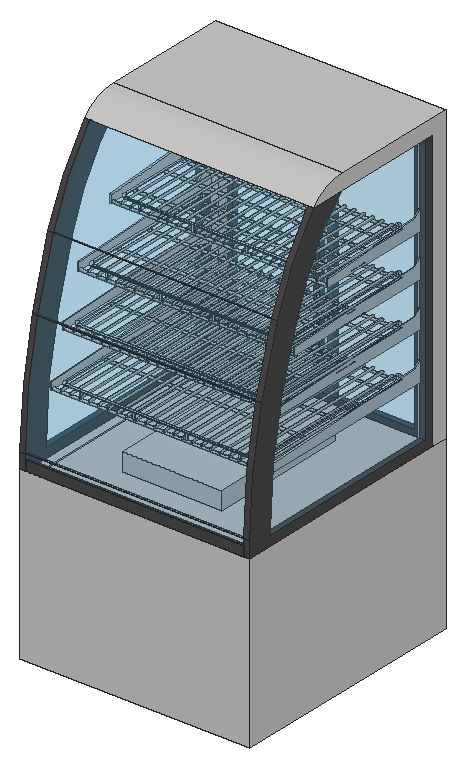
Revit family "QF_FESTIVE_LH6", category Specialty Equipment, Revit 2020
Family settings
  Round Connector Dimension = Use Diameter
  Part Type = Normal
  Work Plane-Based = No
  Always vertical = Yes
  Cut with Voids When Loaded = No
  Shared = No
  Room Calculation Point = No
Parameters (values of type "LH6_220-240/50/1")
  Weight in Kilograms = 110
  Watts = if(Phase = 3, Volts * FL Amps * 1.73, Volts * FL Amps)  # 2002 W
  Volts = 220 V
  URL Cutsheet = ""
  Specification by User = ""
  Specification by Manufacturer = ""
  Shelf Length [instance] = Length - 30 mm  # 570 mm
  Serial Number = ""
  Seismic Rating = ""
  SMACNA No = ""
  Revision Code = ""
  Phase = 1
  Number of Poles = 1
  NAFEM Spec ID Number = ""
  Model = "LH6"
  Min Ckt Ampacity = 0 A
  Max Overcurrent Protection = 0 A
  Masterspec = ""
  Manufacturer = "FESTIVE"
  Length = 600 mm
  Item Number = ""
  Installed By = ""
  Identify Quantity as Lot = yes
  Height = 1400 mm
  HP = ""
  Furnished By = ""
  Foodservice Equipment Identifier = yes
  FL Amps = 9.1 A
  Electrical Remarks = ""
  Electric Connection Type = ""
  Elec Conn RI Height = 0 mm
  Elec Conn Connection Height = 0 mm
  Description = "LINCOLN: HEATED"
  Depth = 640 mm
  Default Elevation = 0 mm
  Cycle = 50 Hz
  Conn Plug = "10A Plug"
  Conn Conduit = yes
  CSI MasterFormat = ""
  Base Cover 2 [instance] = Length = 1530 mm  # no
  Base Cover 1 [instance] = Length < 1201 mm  # yes
  Apparent Power = if(Phase = 3, Volts * FL Amps * 1.73, Volts * FL Amps)  # 2002 VA
Reference planes
  plane 1 "BACK": y = 0
  plane 2: z = 0
  plane 3 "LEFT": x = 0
  plane 4 "RIGHT": x = 600
  plane 5 "FRONT": y = -640
  plane 6 "TOP": z = 1240
  plane 7 "Center Y": x = 300
  plane 8 "Center X": y = -320
  plane 9: z = 470
  plane 10: z = 25.4
  plane 11: x = 40
  plane 12: x = 560
  plane 13: x = 15
  plane 14: x = 585
  plane 15: x = 507.5
  plane 16: x = 92.5
  plane 17: y = 15
Forms (mm)
  Extrusion 1, solid, material "QF_Metal - Stainless - Brushed"
    sketch origin (-6096, 34.743, 25.4) x (0, 1, 0) y (-1, 0, 0)
      loop
        line (-34.743, -6096) -> (-674.743, -6096) -> (-674.743, -6696) -> (-34.743, -6696) -> (-34.743, -6656) -> (-634.743, -6656) -> (-634.743, -6136) -> (-34.743, -6136) -> (-34.743, -6096)
    from 0 to 444.6
  Extrusion 2, solid, material "QF_Metal - Stainless - Brushed"
    sketch origin (-6096, 152.961, 470) x (0, 1, 0) y (-1, 0, 0)
      loop
        line (-152.961, -6696) -> (-152.961, -6656) -> (-192.961, -6656) -> (-192.961, -6696) -> (-152.961, -6696)
      loop
        line (-152.961, -6096) -> (-192.961, -6096) -> (-192.961, -6136) -> (-152.961, -6136) -> (-152.961, -6096)
    from 0 to 770
  Extrusion 3, solid, material "Glass"
    sketch origin (0, 0, 0) x (0, 1, 0) y (0, 0, 1)
      loop
        line (-55, 1200) -> (-343.102, 1200)
        arc (-343.102, 1200) -> (-425.006, 1093.038) -> (-482.383, 971.149) r 632.075
        arc (-482.383, 971.149) -> (-509.905, 886.436) -> (-534.265, 800.759) r 2399.94
        arc (-534.265, 800.759) -> (-564.004, 644.548) -> (-571.576, 485.711) r 1132.811
        line (-571.576, 485.711) -> (-55, 485.711) -> (-55, 1200)
    from 0 to 15
  Extrusion 4, solid, material "Glass"
    sketch origin (600, 0, 0) x (0, -1, 0) y (0, 0, 1)
      loop
        line (55, 1200) -> (55, 485) -> (574.724, 485)
        arc (574.724, 485) -> (567.049, 644.057) -> (537.168, 800.47) r 1134.026
        arc (537.168, 800.47) -> (513.547, 883.55) -> (486.952, 965.728) r 2401.095
        arc (486.952, 965.728) -> (427.946, 1090.797) -> (343.102, 1200) r 630.727
        line (343.102, 1200) -> (55, 1200)
    from 0 to 15
  Extrusion 5, solid, material "QF_Metal - Stainless - Brushed"
    sketch origin (389.467, 0, -196.242) x (1, 0, 0) y (0, 0, -1)
      loop
        line (150.695, -399.744) -> (150.695, -299.744) -> (60.695, -299.744) -> (60.695, -399.744) -> (150.695, -399.744)
    from 0 to 15
  Extrusion 6, solid, material "QF_Metal - Stainless - Brushed"
    sketch origin (0, 0, 0) x (1, 0, 0) y (0, 0, 1)
      loop
        line (560, 376.925) -> (40, 376.925) -> (40, 70.07) -> (145, 70.07) -> (145, 31.8) -> (455, 31.8) -> (455, 69.875) -> (560, 69.875) -> (560, 376.925)
    from 0 to 600
  Extrusion 7, solid
    sketch origin (0, 0, 0) x (-1, 0, 0) y (0, 0, 1)
      loop
        circle (-445, 36.8) r 5
    from 0 to 3.2
  Extrusion 8, solid, material "QF_Metal - Stainless - Brushed"
    sketch origin (560, 0, 25.4) x (1, 0, 0) y (0, 0, -1)
      loop
        line (0, -351.525) -> (-520, -351.525) -> (-520, -444.6) -> (0, -444.6) -> (0, -351.525)
      loop
        line (0, 0) -> (-520, 0) -> (-520, -6.4) -> (0, -6.4) -> (0, 0)
    from 0 to -3.2
  Extrusion 9, solid, material "QF_Plastic - Red - Smooth"
    sketch origin (389.467, 15, -196.242) x (1, 0, 0) y (0, 0, -1)
      loop
        line (132.495, -336.936) -> (132.495, -311.419) -> (123.895, -311.419) -> (123.895, -336.936) -> (132.495, -336.936)
      loop
        line (87.495, -336.936) -> (87.495, -311.419) -> (78.895, -311.419) -> (78.895, -336.936) -> (87.495, -336.936)
    from 0 to 3.2
  Extrusion 10, solid, material "QF_Plastic - Black - Smooth"
    sketch origin (0, 0, 0) x (0, 1, 0) y (0, 0, 1)
      loop
        line (-40, 470) -> (-40, 1200) -> (-65, 1200) -> (-65, 495) -> (-575, 495) -> (-575, 510)
        arc (-575, 510) -> (-565.502, 656.462) -> (-537.168, 800.47) r 1134.026
        arc (-537.168, 800.47) -> (-513.547, 883.55) -> (-486.952, 965.728) r 2401.095
        arc (-486.952, 965.728) -> (-427.946, 1090.797) -> (-343.102, 1200) r 630.727
        line (-343.102, 1200) -> (-430, 1200)
        arc (-430, 1200) -> (-498.623, 1098.654) -> (-548.424, 986.85) r 695.727
        arc (-548.424, 986.85) -> (-575.739, 902.449) -> (-600, 817.119) r 2466.095
        arc (-600, 817.119) -> (-629.958, 664.856) -> (-640, 510) r 1199.026
        line (-640, 510) -> (-640, 470) -> (-40, 470)
    from 0 to 15
  Extrusion 11, solid, material "QF_Metal - Stainless - Brushed"
    sketch origin (0, 0, 0) x (0, 1, 0) y (0, 0, 1)
      loop
        line (0, 1200) -> (0, 1240) -> (-335, 1240)
        arc (-335, 1240) -> (-386.539, 1229.592) -> (-430, 1200) r 132.813
        line (-430, 1200) -> (0, 1200)
    from 0 to 600
  Extrusion 12, solid, material "QF_Plastic - Black - Smooth"
    sketch origin (600, 0, 0) x (0, -1, 0) y (0, 0, 1)
      loop
        line (40, 470) -> (640, 470) -> (640, 510)
        arc (640, 510) -> (629.958, 664.856) -> (600, 817.119) r 1199.026
        arc (600, 817.119) -> (575.739, 902.449) -> (548.424, 986.85) r 2466.095
        arc (548.424, 986.85) -> (498.623, 1098.654) -> (430, 1200) r 695.727
        line (430, 1200) -> (343.102, 1200)
        arc (343.102, 1200) -> (427.946, 1090.797) -> (486.952, 965.728) r 630.727
        arc (486.952, 965.728) -> (513.547, 883.55) -> (537.168, 800.47) r 2401.095
        arc (537.168, 800.47) -> (565.502, 656.462) -> (575, 510) r 1134.026
        line (575, 510) -> (575, 495) -> (65, 495) -> (65, 1200) -> (40, 1200) -> (40, 470)
    from 0 to 15
  Extrusion 13, solid, material "Glass"
    sketch origin (0, 0, 0) x (0, 1, 0) y (0, 0, 1)
      loop
        arc (-548.424, 986.85) -> (-575.739, 902.449) -> (-600, 817.119) r 2466.095
        arc (-600, 817.119) -> (-629.958, 664.856) -> (-640, 510) r 1199.026
        line (-640, 510) -> (-640, 495) -> (-633.6, 495) -> (-633.6, 510)
        arc (-633.6, 510) -> (-623.612, 664.03) -> (-593.814, 815.48) r 1192.626
        arc (-593.814, 815.48) -> (-569.615, 900.588) -> (-542.371, 984.771) r 2459.695
        arc (-542.371, 984.771) -> (-491.755, 1097.827) -> (-421.722, 1200) r 689.327
        line (-421.722, 1200) -> (-430, 1200)
        arc (-430, 1200) -> (-498.623, 1098.654) -> (-548.424, 986.85) r 695.727
    from 15 to 585
  Extrusion 14, solid, material "QF_Metal - Stainless - Brushed"
    sketch origin (-6096, 34.743, 470) x (0, 1, 0) y (-1, 0, 0)
      loop
        line (-634.743, -6136) -> (-634.743, -6656) -> (-34.743, -6656) -> (-34.743, -6136) -> (-634.743, -6136)
    from 0 to -20
  Extrusion 15, solid, material "QF_Metal - Stainless - Brushed", visible <- "Base Cover 1"
    sketch origin (-6096, 34.743, 470) x (0, 1, 0) y (-1, 0, 0)
      loop
        line (-183.538, -6266) -> (-553.538, -6266) -> (-553.538, -6526) -> (-183.538, -6526) -> (-183.538, -6266)
    from 0 to 47.182
  Extrusion 16, solid, material "QF_Plastic - Black - Smooth"
    sketch origin (15, 0, 0) x (0, 1, 0) y (0, 0, 1)
      loop
        line (-633.6, 495) -> (-640, 495) -> (-640, 470) -> (-633.6, 470) -> (-633.6, 495)
    from 0 to 570
  Extrusion 17, solid, material "QF_Metal - Stainless - Brushed", visible <- "Base Cover 2"
    sketch origin (-6096, 34.743, 470) x (0, 1, 0) y (-1, 0, 0)
      loop
        line (-183.538, -6266) -> (-553.538, -6266) -> (-553.538, -6376) -> (-183.538, -6376) -> (-183.538, -6266)
      loop
        line (-553.538, -6526) -> (-183.538, -6526) -> (-183.538, -6416) -> (-553.538, -6416) -> (-553.538, -6526)
    from 0 to 47.182
Cuts and joins
  joined: Extrusion 2, Extrusion 11
Lines and regions (mm)
  Split face 1
    outline origin (410.303, 15, -237.471) x (1, 0, 0) y (0, 0, -1)
      loop
        line (114.859, -381.365) -> (114.859, -349.447) -> (99.859, -349.447) -> (99.859, -381.365) -> (114.859, -381.365)
  Split face 2
    outline origin (580.021, 15, -155.014) x (-1, 0, 0) y (0, 0, 1)
      loop
        line (114.859, 298.908) -> (99.859, 298.908) -> (99.859, 266.99) -> (114.859, 266.99) -> (114.859, 298.908)
  Split face 3
    outline origin (389.467, 15, -196.242) x (1, 0, 0) y (0, 0, -1)
      loop
        arc (139.445, -393.619) -> (143.667, -377.428) -> (139.445, -361.238) r 33.153
        line (139.445, -361.238) -> (71.945, -361.238)
        arc (71.945, -361.238) -> (67.723, -377.428) -> (71.945, -393.619) r 33.153
        line (71.945, -393.619) -> (139.445, -393.619)
  Split face 4
    outline origin (389.467, 15, -196.242) x (1, 0, 0) y (0, 0, -1)
      loop
        arc (135.695, -388.563) -> (137.031, -377.507) -> (135.695, -366.451) r 46.41
        line (135.695, -366.451) -> (95.695, -366.451) -> (95.695, -388.563) -> (135.695, -388.563)
  symbolic lines
    curve 1: line (0, 0, 1240) -> (600, 0, 1240)
    curve 2: line (0, -640, 1240) -> (0, 0, 1240)
    curve 3: line (600, -640, 1240) -> (0, -640, 1240)
    curve 4: line (600, 0, 1240) -> (600, -640, 1240)
    curve 5: line (0, -430, 1240) -> (600, -430, 1240)
    curve 6: line (585, -430, 1240) -> (585, -640, 1240)
    curve 7: line (15, -430, 1240) -> (15, -640, 1240)
    curve 8: line (450.162, 15, 1240) -> (450.162, 0, 1240)
    curve 9: line (540.162, 15, 1240) -> (450.162, 15, 1240)
    curve 10: line (540.162, 0, 1240) -> (540.162, 15, 1240)
Dimensions and locks
  equal spacing: plane 3 "LEFT", plane 7 "Center Y", plane 4 "RIGHT"
  "Length": plane 3 "LEFT" to plane 4 "RIGHT"
  equal spacing: plane 5 "FRONT", plane 8 "Center X", plane 1 "BACK"
  "Depth": plane 5 "FRONT" to plane 1 "BACK"
  plane 6 "TOP" to plane 9 to level = 770 mm, 470 mm  (x2)
  plane 1 "BACK" to plane 5 "FRONT" = 640 mm
  locked: plane 11 to plane 3 "LEFT" at 40
  locked: plane 12 to plane 4 "RIGHT" at 40
  locked: plane 3 "LEFT" to plane 13 at 15
  locked: plane 4 "RIGHT" to plane 14 at 15
  locked: plane 5 "FRONT" to nested 5 at 45
  locked: plane 5 "FRONT" to nested 4 at 45
  locked: plane 15 to plane 4 "RIGHT" at 92.5
  locked: plane 16 to plane 3 "LEFT" at 92.5
  plane 1 "BACK" to plane 17 = 15 mm
  Extrusion 17 sketch curve to plane 7 "Center Y" to Extrusion 17 sketch curve = 20 mm locked, 20 mm locked
  locked: plane 7 "Center Y" to nested 9 at 20
  locked: plane 7 "Center Y" to nested 10 at 20
  aligned and locked: level to plane 2
  aligned and locked: plane 9 to Extrusion 1
  aligned and locked: plane 6 "TOP" to Extrusion 2
  aligned and locked: plane 16 to nested 3
  aligned and locked: plane 16 to nested 4
  aligned and locked: nested 6 to plane 15
  aligned and locked: nested 5 to plane 15
  aligned and locked: Extrusion 1 to Extrusion 8 sketch curve  (x2)
  aligned and locked: Extrusion 8 sketch curve to Extrusion 1  (x2)
  aligned and locked: plane 13 to Extrusion 13
  aligned and locked: Extrusion 13 to plane 14
  aligned and locked: cut or joined group of Extrusion 2, Extrusion 11 to plane 4 "RIGHT"
  aligned and locked: Extrusion 16 to Extrusion 12
  aligned and locked: plane 12 to nested 10
  aligned and locked: plane 11 to nested 9
Automatic sketch dimensions
  Extrusion 1 sketch curve to plane 3 "LEFT" = 0 mm
  plane 5 "FRONT" to Extrusion 1 sketch curve = 0 mm
  Extrusion 1 sketch curve to plane 12 = 0 mm
  Extrusion 1 sketch curve to plane 11 = 0 mm
  plane 1 "BACK" to Extrusion 1 sketch curve = 0 mm  (x2)
  Extrusion 1 sketch curve to plane 4 "RIGHT" = 0 mm
  Extrusion 1 sketch curve to plane 5 "FRONT" = 40 mm
  Extrusion 2 sketch curve to plane 11 = 0 mm
  Extrusion 2 sketch curve to plane 4 "RIGHT" = 0 mm
  Extrusion 2 sketch curve to plane 3 "LEFT" = 0 mm
  Extrusion 2 sketch curve to plane 12 = 0 mm
  plane 1 "BACK" to Extrusion 2 sketch curve = 0 mm  (x2)
  Extrusion 2 sketch curve to Extrusion 2 sketch curve = 40 mm  (x2)
  plane 9 to Extrusion 3 sketch curve = 15.711 mm
  Extrusion 3 sketch curve to plane 5 "FRONT" = 68.424 mm
  Extrusion 3 sketch curve to plane 8 "Center X" = 23.102 mm
  Extrusion 3 sketch curve to plane 6 "TOP" = 40 mm
  plane 1 "BACK" to Extrusion 3 sketch curve = 55 mm
  plane 17 to Extrusion 3 sketch curve = 99.932 mm
  plane 9 to Extrusion 3 sketch curve = 41.322 mm
  Extrusion 3 sketch curve to Extrusion 3 sketch curve = 446.013 mm
  plane 10 to Extrusion 3 sketch curve = 161.959 mm
  Extrusion 3 sketch curve to Extrusion 3 sketch curve = 1225.017 mm
  Extrusion 3 sketch curve to Extrusion 3 sketch curve = 278.715 mm
  Extrusion 3 sketch curve to plane 5 "FRONT" = 105.735 mm
  plane 10 to Extrusion 4 sketch curve = 160.052 mm
  plane 17 to Extrusion 4 sketch curve = 1768.825 mm
  plane 9 to Extrusion 4 sketch curve = 40 mm
  plane 17 to Extrusion 4 sketch curve = 544.026 mm
  plane 17 to Extrusion 4 sketch curve = 94.542 mm
  plane 9 to Extrusion 4 sketch curve = 15 mm
  plane 1 "BACK" to Extrusion 4 sketch curve = 55 mm
  Extrusion 4 sketch curve to plane 8 "Center X" = 23.102 mm
  Extrusion 4 sketch curve to plane 5 "FRONT" = 65.276 mm
  plane 9 to Extrusion 4 sketch curve = 290.763 mm
  Extrusion 4 sketch curve to plane 6 "TOP" = 40 mm
  Extrusion 4 sketch curve to Extrusion 4 sketch curve = 0 mm
  curve 4 to plane 4 "RIGHT" = 0 mm
  curve 6 to plane 14 = 0 mm
  plane 5 "FRONT" to curve 7 = 0 mm
  curve 7 to plane 13 = 0 mm
  curve 3 to plane 3 "LEFT" = 0 mm
  plane 1 "BACK" to curve 1 = 0 mm
  curve 5 to plane 8 "Center X" = 110 mm
  plane 15 to Extrusion 5 sketch curve = 57.338 mm
  plane 12 to Extrusion 5 sketch curve = 19.838 mm
  plane 10 to Extrusion 5 sketch curve = 178.101 mm
  plane 10 to Extrusion 5 sketch curve = 78.101 mm
  Split face 1 sketch curve to Extrusion 5 = 30 mm
  Split face 1 sketch curve to Extrusion 5 = 15 mm
  Split face 1 sketch curve to Extrusion 5 = 40.393 mm
  Split face 1 sketch curve to Extrusion 5 = 8.475 mm
  Extrusion 6 sketch curve to plane 11 = 0 mm
  plane 12 to Extrusion 6 sketch curve = 0 mm
  plane 10 to Extrusion 6 sketch curve = 6.4 mm
  plane 16 to Extrusion 6 sketch curve = 52.5 mm
  plane 15 to Extrusion 6 sketch curve = 52.5 mm
  plane 10 to Extrusion 6 sketch curve = 44.475 mm
  Extrusion 6 sketch curve to Extrusion 6 sketch curve = 38.27 mm
  Extrusion 6 sketch curve to plane 9 = 93.075 mm
  Extrusion 7 sketch curve to Extrusion 6 = 10 mm
  Extrusion 7 sketch curve to Extrusion 6 = 5 mm
  Extrusion 8 sketch curve to Extrusion 1 = 0 mm  (x2)
  Extrusion 1 to Extrusion 8 sketch curve = 93.075 mm
  Extrusion 8 sketch curve to Extrusion 8 sketch curve = 6.4 mm
  Split face 2 sketch curve to Extrusion 5 = 30 mm
  Split face 2 sketch curve to Extrusion 5 = 15 mm
  Split face 2 sketch curve to Extrusion 5 = 8.475 mm
  Split face 2 sketch curve to Split face 2 sketch curve = 31.918 mm
  Split face 3 sketch curve to Extrusion 5 = 11.25 mm  (x4)
  Split face 3 sketch curve to Split face 3 sketch curve = 28.931 mm
  Split face 3 sketch curve to Split face 3 sketch curve = 9.638 mm
  Split face 3 sketch curve to Extrusion 5 = 6.125 mm
  Split face 3 sketch curve to Extrusion 5 = 22.316 mm
  Extrusion 9 sketch curve to Extrusion 5 = 18.2 mm
  Extrusion 9 sketch curve to Extrusion 9 sketch curve = 8.6 mm  (x2)
  Extrusion 9 sketch curve to Extrusion 5 = 26.8 mm
  Extrusion 9 sketch curve to Extrusion 5 = 37.193 mm  (x2)
  Extrusion 9 sketch curve to Extrusion 5 = 11.675 mm  (x2)
  Split face 4 sketch curve to Extrusion 5 = 29.926 mm
  Split face 4 sketch curve to Split face 4 sketch curve = 5.074 mm
  Split face 4 sketch curve to Extrusion 5 = 15 mm  (x2)
  Split face 4 sketch curve to Extrusion 5 = 11.181 mm
  Split face 4 sketch curve to Split face 4 sketch curve = 11.056 mm
  Extrusion 10 sketch curve to Extrusion 10 sketch curve = 0 mm  (x8)
  Extrusion 10 sketch curve to plane 5 "FRONT" = 0 mm
  Extrusion 10 sketch curve to plane 9 = 0 mm
  plane 9 to Extrusion 10 sketch curve = 25 mm
  Extrusion 10 sketch curve to plane 5 "FRONT" = 65 mm
  Extrusion 10 sketch curve to plane 6 "TOP" = 40 mm  (x2)
  Extrusion 10 sketch curve to plane 8 "Center X" = 110 mm
  Extrusion 10 sketch curve to plane 8 "Center X" = 23.102 mm
  plane 1 "BACK" to Extrusion 10 sketch curve = 65 mm
  Extrusion 10 sketch curve to Extrusion 10 sketch curve = 25 mm
  plane 17 to Extrusion 10 sketch curve = 94.542 mm
  plane 9 to Extrusion 10 sketch curve = 40 mm
  Extrusion 10 sketch curve to Extrusion 10 sketch curve = 449.483 mm
  plane 10 to Extrusion 10 sketch curve = 160.052 mm
  Extrusion 10 sketch curve to Extrusion 10 sketch curve = 1224.8 mm
  plane 9 to Extrusion 10 sketch curve = 290.763 mm
  Extrusion 11 sketch curve to plane 6 "TOP" = 0 mm
  Extrusion 11 sketch curve to plane 1 "BACK" = 0 mm
  Extrusion 11 sketch curve to plane 8 "Center X" = 15 mm
  Extrusion 11 sketch curve to plane 6 "TOP" = 40 mm
  Extrusion 11 sketch curve to Extrusion 11 sketch curve = 95 mm
  Extrusion 12 sketch curve to Extrusion 12 sketch curve = 0 mm  (x8)
  Extrusion 12 sketch curve to plane 9 = 0 mm
  Extrusion 12 sketch curve to plane 5 "FRONT" = 0 mm
  plane 9 to Extrusion 12 sketch curve = 25 mm
  Extrusion 12 sketch curve to plane 5 "FRONT" = 65 mm
  Extrusion 12 sketch curve to plane 6 "TOP" = 40 mm  (x2)
  Extrusion 12 sketch curve to plane 8 "Center X" = 110 mm
  Extrusion 12 sketch curve to plane 8 "Center X" = 23.102 mm
  plane 1 "BACK" to Extrusion 12 sketch curve = 65 mm
  Extrusion 12 sketch curve to Extrusion 12 sketch curve = 25 mm
  plane 17 to Extrusion 12 sketch curve = 94.542 mm
  plane 9 to Extrusion 12 sketch curve = 40 mm
  Extrusion 12 sketch curve to Extrusion 12 sketch curve = 449.483 mm
  plane 10 to Extrusion 12 sketch curve = 160.052 mm
  Extrusion 12 sketch curve to Extrusion 12 sketch curve = 1224.8 mm
  plane 9 to Extrusion 12 sketch curve = 290.763 mm
  Extrusion 13 sketch curve to Extrusion 13 sketch curve = 0 mm  (x8)
  Extrusion 13 sketch curve to plane 5 "FRONT" = 0 mm
  Extrusion 13 sketch curve to plane 5 "FRONT" = 6.4 mm
  Extrusion 13 sketch curve to plane 8 "Center X" = 110 mm
  Extrusion 13 sketch curve to Extrusion 13 sketch curve = 8.278 mm
  plane 17 to Extrusion 13 sketch curve = 94.542 mm
  plane 9 to Extrusion 13 sketch curve = 40 mm
  Extrusion 13 sketch curve to Extrusion 13 sketch curve = 449.483 mm
  plane 10 to Extrusion 13 sketch curve = 160.052 mm
  Extrusion 13 sketch curve to Extrusion 13 sketch curve = 1224.8 mm
  Extrusion 13 sketch curve to Extrusion 13 sketch curve = 15 mm
  plane 9 to Extrusion 13 sketch curve = 290.763 mm
  Extrusion 13 sketch curve to plane 6 "TOP" = 40 mm
  Extrusion 14 sketch curve to Extrusion 1 = 0 mm  (x3)
  Extrusion 1 to Extrusion 14 sketch curve = 0 mm
  Extrusion 15 sketch curve to plane 5 "FRONT" = 121.205 mm
  plane 1 "BACK" to Extrusion 15 sketch curve = 148.795 mm
  plane 15 to Extrusion 15 sketch curve = 77.5 mm
  plane 16 to Extrusion 15 sketch curve = 77.5 mm
  Extrusion 16 sketch curve to Extrusion 10 = 0 mm  (x2)
  Extrusion 10 to Extrusion 16 sketch curve = 0 mm
  Extrusion 16 sketch curve to Extrusion 10 = 6.4 mm
  plane 1 "BACK" to curve 10 = 0 mm
  curve 9 to plane 17 = 0 mm
  plane 1 "BACK" to curve 8 = 0 mm
  plane 12 to curve 9 = 19.838 mm
  plane 15 to curve 9 = 57.338 mm
  Extrusion 17 sketch curve to plane 5 "FRONT" = 121.205 mm  (x2)
  plane 1 "BACK" to Extrusion 17 sketch curve = 148.795 mm  (x2)
  plane 15 to Extrusion 17 sketch curve = 77.5 mm
  plane 16 to Extrusion 17 sketch curve = 77.5 mm
  radius of Extrusion 7 sketch curve = 5 mm
Nested families
  nested 1: "PARAMETRIC SHELF" at (15, -40, 866.071), Length <- "Shelf Length", type "PARAMETRIC SHELF"
    with Rail Depth 382 mm, Rail 2 4, No. of Rail 22, Length 570 mm, Depth 432 mm
  nested 2: "PARAMETRIC SHELF" at (15, -40, 748.214), Length <- "Shelf Length", type "PARAMETRIC SHELF"
    with Rail Depth 430 mm, Rail 2 4, No. of Rail 22, Length 570 mm, Depth 480 mm
  nested 3: "3 INCHES 01_CASTER" at (92.5, -65, 0), type "3 INCHES 01_CASTER"
    with Type Mark "", Specification by User "", Revision Code "", Item Number "", Installed By "", Identify Quantity as Lot yes, Furnished By "", Foodservice Equipment Identifier yes, 3 Inches Caster yes
  nested 4: "3 INCHES 01_CASTER" at (92.5, -595, 0), type "3 INCHES 01_CASTER"
    with Type Mark "", Specification by User "", Revision Code "", Item Number "", Installed By "", Identify Quantity as Lot yes, Furnished By "", Foodservice Equipment Identifier yes, 3 Inches Caster yes
  nested 5: "3 INCHES 01_CASTER" at (507.5, -595, 0), type "3 INCHES 01_CASTER"
    with Type Mark "", Specification by User "", Revision Code "", Item Number "", Installed By "", Identify Quantity as Lot yes, Furnished By "", Foodservice Equipment Identifier yes, 3 Inches Caster yes
  nested 6: "3 INCHES 01_CASTER" at (507.5, -65, 0), type "3 INCHES 01_CASTER"
    with Type Mark "", Specification by User "", Revision Code "", Item Number "", Installed By "", Identify Quantity as Lot yes, Furnished By "", Foodservice Equipment Identifier yes, 3 Inches Caster yes
  nested 7: "PARAMETRIC SHELF" at (15, -40, 978.929), Length <- "Shelf Length", type "PARAMETRIC SHELF"
    with Rail Depth 275 mm, Rail 2 4, No. of Rail 22, Length 570 mm, Depth 325 mm
  nested 8: "PARAMETRIC SHELF" at (15, -40, 625.357), Length <- "Shelf Length", type "PARAMETRIC SHELF"
    with Rail Depth 470 mm, Rail 2 4, No. of Rail 22, Length 570 mm, Depth 520 mm
  nested 9: "PARAMETRIC WINDOW" at (40, 0, 0), type "PARAMETRIC WINDOW"
    with Window Assembly yes, Length 280 mm
  nested 10: "PARAMETRIC WINDOW" at (280, -15, 0), type "PARAMETRIC WINDOW"
    with Window Assembly yes, Length 280 mm
Connectors
  electrical at (445, 3.2, 36.8), driven by "Volts", driven by "Watts"
    settings: on Extrusion 7, index 2, voltage 220 V, apparent load 2002 VA, apparent load phase1 0 VA, apparent load phase2 0 VA, apparent load phase3 0 VA, power factor 1, load classification "Other", number of poles 1, system type 30, power factor state 1, is connector primary yes, connector utility no, sub classification motor no, connector description "ELECTRICAL CONNECTION"
Definition of nested family "PARAMETRIC SHELF"
  Parameters (values of type "PARAMETRIC SHELF")
    Weight in Pounds = 0
    URL Cutsheet = ""
    Specification by User = ""
    Specification by Manufacturer = ""
    Serial Number = ""
    Seismic Rating = ""
    SMACNA No = ""
    Revision Code = ""
    Rail Depth [instance] = Depth - 50 mm  # 367 mm
    Rail 2 [instance] = Length / 150 mm  # 4
    No. of Rail [instance] = Length / 25.4 mm  # 24
    NAFEM Spec ID Number = ""
    Masterspec = ""
    Length [instance] = 600 mm
    Item Number = ""
    Installed By = ""
    Identify Quantity as Lot = yes
    Height = 220 mm
    Furnished By = ""
    Foodservice Equipment Identifier = yes
    Depth [instance] = 417 mm
    Default Elevation = 0 mm
    CSI MasterFormat = ""
  Reference planes
    plane 1 "BACK": y = 0
    plane 2: z = 0
    plane 3 "LEFT": x = 0
    plane 4 "RIGHT": x = 600
    plane 5 "FRONT": y = -417
    plane 6 "TOP": z = 220
    plane 7 "Center Y": x = 300
    plane 8 "Center X": y = -208.5
    plane 9: x = 28.6
    plane 10: x = 571.4
    plane 11: x = 3.2
    plane 12: x = 596.8
  Forms (mm)
    Extrusion 1, solid
      sketch origin (0, -4517, 280.761) x (0, 0, 1) y (0, -1, 0)
        loop
          line (-244.023, -4477) -> (-261.193, -4100) -> (-280.761, -4100) -> (-280.761, -4502.438) -> (-295.323, -4517) -> (-217.773, -4517) -> (-217.773, -4508.448) -> (-244.023, -4477)
      from 0 to 3.2
    Extrusion 2, solid
      sketch origin (600, 0, 0) x (0, -1, 0) y (0, 0, 1)
        loop
          line (40, 36.738) -> (8.552, 62.988) -> (0, 62.988) -> (0, -14.562) -> (14.562, 0) -> (417, 0) -> (417, 19.568) -> (40, 36.738)
      from 0 to 3.2
    Extrusion 3, solid
      sketch origin (3.2, -4572, 62.788) x (0, 0, 1) y (0, -1, 0)
        loop
          circle (-59.788, -4158) r 3
        loop
          circle (-59.788, -4268) r 3
        loop
          circle (-59.788, -4368) r 3
        loop
          circle (-59.788, -4471.515) r 3
        loop
          circle (-59.788, -4519.015) r 3
      from 0 to 593.6
    Extrusion 4, solid
      sketch origin (20.4, -417, 21.873) x (0, 0, 1) y (1, 0, 0)
        loop
          circle (-13.368, 8.2) r 2.5
      from 0 to 367 <- "Rail Depth"
    Extrusion 5, solid
      sketch origin (563.2, -417, 21.873) x (0, 0, 1) y (1, 0, 0)
        loop
          circle (-13.368, 8.2) r 2.5
      from 0 to 367 <- "Rail Depth"
    Extrusion 6, solid
      sketch origin (44, -417, 21.873) x (0, 0, 1) y (1, 0, 0)
        loop
          circle (-13.368, 8.2) r 2.5
      from 0 to 367 <- "Rail Depth"
    Extrusion 7, solid
      sketch origin (67.6, -417, 21.873) x (0, 0, 1) y (1, 0, 0)
        loop
          circle (-13.368, 8.2) r 2.5
      from 0 to 367 <- "Rail Depth"
    Extrusion 8, solid
      sketch origin (91.2, -417, 21.873) x (0, 0, 1) y (1, 0, 0)
        loop
          circle (-13.368, 8.2) r 2.5
      from 0 to 367 <- "Rail Depth"
    Extrusion 9, solid
      sketch origin (114.8, -417, 21.873) x (0, 0, 1) y (1, 0, 0)
        loop
          circle (-13.368, 8.2) r 2.5
      from 0 to 367 <- "Rail Depth"
    Extrusion 10, solid
      sketch origin (138.4, -417, 21.873) x (0, 0, 1) y (1, 0, 0)
        loop
          circle (-13.368, 8.2) r 2.5
      from 0 to 367 <- "Rail Depth"
    Extrusion 11, solid
      sketch origin (162, -417, 21.873) x (0, 0, 1) y (1, 0, 0)
        loop
          circle (-13.368, 8.2) r 2.5
      from 0 to 367 <- "Rail Depth"
    Extrusion 12, solid
      sketch origin (185.6, -417, 21.873) x (0, 0, 1) y (1, 0, 0)
        loop
          circle (-13.368, 8.2) r 2.5
      from 0 to 367 <- "Rail Depth"
    Extrusion 13, solid
      sketch origin (209.2, -417, 21.873) x (0, 0, 1) y (1, 0, 0)
        loop
          circle (-13.368, 8.2) r 2.5
      from 0 to 367 <- "Rail Depth"
    Extrusion 14, solid
      sketch origin (232.8, -417, 21.873) x (0, 0, 1) y (1, 0, 0)
        loop
          circle (-13.368, 8.2) r 2.5
      from 0 to 367 <- "Rail Depth"
    Extrusion 15, solid
      sketch origin (256.4, -417, 21.873) x (0, 0, 1) y (1, 0, 0)
        loop
          circle (-13.368, 8.2) r 2.5
      from 0 to 367 <- "Rail Depth"
    Extrusion 16, solid
      sketch origin (280, -417, 21.873) x (0, 0, 1) y (1, 0, 0)
        loop
          circle (-13.368, 8.2) r 2.5
      from 0 to 367 <- "Rail Depth"
    Extrusion 17, solid
      sketch origin (303.6, -417, 21.873) x (0, 0, 1) y (1, 0, 0)
        loop
          circle (-13.368, 8.2) r 2.5
      from 0 to 367 <- "Rail Depth"
    Extrusion 18, solid
      sketch origin (327.2, -417, 21.873) x (0, 0, 1) y (1, 0, 0)
        loop
          circle (-13.368, 8.2) r 2.5
      from 0 to 367 <- "Rail Depth"
    Extrusion 19, solid
      sketch origin (350.8, -417, 21.873) x (0, 0, 1) y (1, 0, 0)
        loop
          circle (-13.368, 8.2) r 2.5
      from 0 to 367 <- "Rail Depth"
    Extrusion 20, solid
      sketch origin (374.4, -417, 21.873) x (0, 0, 1) y (1, 0, 0)
        loop
          circle (-13.368, 8.2) r 2.5
      from 0 to 367 <- "Rail Depth"
    Extrusion 21, solid
      sketch origin (398, -417, 21.873) x (0, 0, 1) y (1, 0, 0)
        loop
          circle (-13.368, 8.2) r 2.5
      from 0 to 367 <- "Rail Depth"
    Extrusion 22, solid
      sketch origin (421.6, -417, 21.873) x (0, 0, 1) y (1, 0, 0)
        loop
          circle (-13.368, 8.2) r 2.5
      from 0 to 367 <- "Rail Depth"
    Extrusion 23, solid
      sketch origin (445.2, -417, 21.873) x (0, 0, 1) y (1, 0, 0)
        loop
          circle (-13.368, 8.2) r 2.5
      from 0 to 367 <- "Rail Depth"
    Extrusion 24, solid
      sketch origin (468.8, -417, 21.873) x (0, 0, 1) y (1, 0, 0)
        loop
          circle (-13.368, 8.2) r 2.5
      from 0 to 367 <- "Rail Depth"
    Extrusion 25, solid
      sketch origin (492.4, -417, 21.873) x (0, 0, 1) y (1, 0, 0)
        loop
          circle (-13.368, 8.2) r 2.5
      from 0 to 367 <- "Rail Depth"
    Extrusion 26, solid
      sketch origin (516, -417, 21.873) x (0, 0, 1) y (1, 0, 0)
        loop
          circle (-13.368, 8.2) r 2.5
      from 0 to 367 <- "Rail Depth"
    Extrusion 27, solid
      sketch origin (539.6, -417, 21.873) x (0, 0, 1) y (1, 0, 0)
        loop
          circle (-13.368, 8.2) r 2.5
      from 0 to 367 <- "Rail Depth"
    Sweep 28, solid
      path origin (0, 0, 0) x (1, 0, 0) y (0, 1, 0)
        loop
          line (571.4, -70) -> (571.4, -404)
          arc (571.4, -404) -> (568.471, -411.071) -> (561.4, -414) r 10
          line (561.4, -414) -> (38.6, -414)
          arc (38.6, -414) -> (31.529, -411.071) -> (28.6, -404) r 10
          line (28.6, -404) -> (28.6, -70)
      profile origin (571.4, -237, 0) x (1, 0, 0) y (0, 0, 1)
        loop
          circle (0, 23.505) r 2.5
    Sweep 29, solid
      path origin (28.6, -4572, 11.2) x (0, 0, 1) y (0, -1, 0)
        loop
          line (12.305, -4502) -> (12.305, -4509.015)
          arc (12.305, -4509.015) -> (9.376, -4516.086) -> (2.305, -4519.015) r 10
          line (2.305, -4519.015) -> (-0.376, -4519.015)
      profile origin (28.6, -66.493, 23.505) x (0, 0, 1) y (1, 0, 0)
        loop
          circle (0, 0) r 2.5
    Sweep 30, solid
      path origin (571.4, -4572, 11.2) x (0, 0, 1) y (0, -1, 0)
        loop
          line (12.305, -4502) -> (12.305, -4509.015)
          arc (12.305, -4509.015) -> (9.376, -4516.086) -> (2.305, -4519.015) r 10
          line (2.305, -4519.015) -> (-0.376, -4519.015)
      profile origin (571.4, -66.493, 23.505) x (0, 0, -1) y (-1, 0, 0)
        loop
          circle (0, 0) r 2.5
    Extrusion 31, solid
      sketch origin (0, 0, 0) x (1, 0, 0) y (0, 1, 0)
        loop
          circle (75.8, -414.118) r 2
      from 5.989 to 23.272
    Extrusion 32, solid
      sketch origin (448.4, 0, 0) x (1, 0, 0) y (0, 1, 0)
        loop
          circle (75.8, -414.118) r 2
      from 5.989 to 23.272
    Extrusion 33, solid
      sketch origin (149.467, 0, 0) x (1, 0, 0) y (0, 1, 0)
        loop
          circle (75.8, -414.118) r 2
      from 5.989 to 23.272
    Extrusion 34, solid
      sketch origin (298.933, 0, 0) x (1, 0, 0) y (0, 1, 0)
        loop
          circle (75.8, -414.118) r 2
      from 5.989 to 23.272
  Cuts and joins
    joined: Sweep 28, Sweep 29, Sweep 30
  Lines and regions (mm)
    symbolic lines
      curve 1: line (0, 0, 0) -> (600, 0, 0)
      curve 2: line (0, -417, 0) -> (0, 0, 0)
      curve 3: line (600, -417, 0) -> (0, -417, 0)
      curve 4: line (600, 0, 0) -> (600, -417, 0)
  Dimensions and locks
    equal spacing: plane 3 "LEFT", plane 7 "Center Y", plane 4 "RIGHT"
    "Length": plane 3 "LEFT" to plane 4 "RIGHT"
    equal spacing: plane 5 "FRONT", plane 8 "Center X", plane 1 "BACK"
    "Depth": plane 5 "FRONT" to plane 1 "BACK"
    "Height": plane 6 "TOP" to level
    locked: plane 9 to plane 3 "LEFT" at 28.6
    locked: plane 10 to plane 4 "RIGHT" at 28.6
    locked: plane 12 to plane 4 "RIGHT" at 3.2
    locked: plane 11 to plane 3 "LEFT" at 3.2
    equal spacing: group 1, group 3, group 4, group 5, group 6, group 7, group 8, group 9, group 10, group 11, group 12, group 13, group 14, group 15, group 16, group 17, group 18, group 19, group 20, group 21, group 22, group 23, group 24, group 2  (x3)
    plane 1 "BACK" to Extrusion 3 sketch curve to Extrusion 3 sketch curve = 52.985 mm locked, 47.5 mm locked
    locked: Sweep 28 sketch curve to plane 1 "BACK" at 70  (x2)
    equal spacing: group 25, group 27, group 28, group 26  (x3)
    locked: Extrusion 31 to plane 3 "LEFT" at 73.8
    locked: Extrusion 32 to plane 4 "RIGHT" at 73.8
    locked: Extrusion 31 to plane 5 "FRONT" at 2.882
    locked: Extrusion 32 to plane 5 "FRONT" at 2.882
    aligned and locked: level to plane 2
    aligned and locked: Extrusion 3 to plane 12
    aligned and locked: plane 5 "FRONT" to Extrusion 4
    aligned and locked: plane 5 "FRONT" to Extrusion 5
    aligned and locked: plane 10 to Extrusion 5
  Automatic sketch dimensions
    Extrusion 1 sketch curve to plane 1 "BACK" = 0 mm
    Extrusion 1 sketch curve to level = 0 mm
    Extrusion 1 sketch curve to plane 5 "FRONT" = 0 mm
    Extrusion 1 sketch curve to level = 14.562 mm
    level to Extrusion 1 sketch curve = 19.568 mm
    level to Extrusion 1 sketch curve = 36.738 mm
    plane 1 "BACK" to Extrusion 1 sketch curve = 8.552 mm
    Extrusion 1 sketch curve to Extrusion 1 sketch curve = 26.25 mm
    plane 1 "BACK" to Extrusion 1 sketch curve = 14.562 mm
    plane 1 "BACK" to Extrusion 1 sketch curve = 40 mm
    Extrusion 2 sketch curve to plane 1 "BACK" = 0 mm
    Extrusion 2 sketch curve to level = 0 mm
    Extrusion 2 sketch curve to plane 5 "FRONT" = 0 mm
    plane 1 "BACK" to Extrusion 2 sketch curve = 8.552 mm
    plane 1 "BACK" to Extrusion 2 sketch curve = 14.562 mm
    plane 1 "BACK" to Extrusion 2 sketch curve = 40 mm
    Extrusion 2 sketch curve to level = 14.562 mm
    level to Extrusion 2 sketch curve = 19.568 mm
    level to Extrusion 2 sketch curve = 36.738 mm
    Extrusion 2 sketch curve to Extrusion 2 sketch curve = 26.25 mm
    level to Extrusion 3 sketch curve = 3 mm  (x5)
    plane 8 "Center X" to Extrusion 3 sketch curve = 4.5 mm
    Extrusion 3 sketch curve to plane 8 "Center X" = 95.5 mm
    Extrusion 3 sketch curve to plane 5 "FRONT" = 3 mm
    Sweep 28 sketch curve to plane 9 = 0 mm
    Sweep 28 sketch curve to plane 10 = 0 mm
    Sweep 28 sketch curve to plane 5 "FRONT" = 3 mm
    plane 9 to Sweep 28 sketch curve = 10 mm
    Sweep 28 sketch curve to Sweep 28 sketch curve = 10 mm
    profile plane to Sweep 28 sketch curve = 0 mm
    level to Sweep 28 sketch curve = 23.505 mm
    level to Sweep 29 sketch curve = 13.505 mm
    Sweep 29 sketch curve to Sweep 29 sketch curve = 10 mm
    plane 1 "BACK" to Sweep 29 sketch curve = 52.985 mm
    Sweep 29 sketch curve to Sweep 29 sketch curve = 2.68 mm
    Sweep 29 sketch curve to Sweep 29 sketch curve = 7.015 mm
    Sweep 29 sketch curve to plane 9 = 0 mm
    Sweep 29 sketch curve to profile plane = 0 mm
    Sweep 30 sketch curve to profile plane = 0 mm
    profile plane to Sweep 30 sketch curve = 0 mm
    Sweep 30 sketch curve to level = 13.505 mm
    Sweep 30 sketch curve to Sweep 30 sketch curve = 10 mm
    Sweep 30 sketch curve to plane 1 "BACK" = 52.985 mm
    Sweep 30 sketch curve to Sweep 30 sketch curve = 2.68 mm
    Sweep 30 sketch curve to Sweep 30 sketch curve = 7.015 mm
    curve 3 to plane 3 "LEFT" = 0 mm
    curve 3 to plane 4 "RIGHT" = 0 mm
    plane 5 "FRONT" to curve 3 = 0 mm
    plane 1 "BACK" to curve 2 = 0 mm
    radius of Extrusion 4 sketch curve = 2.5 mm
    radius of Extrusion 5 sketch curve = 2.5 mm
    radius of Extrusion 6 sketch curve = 2.5 mm
    radius of Extrusion 7 sketch curve = 2.5 mm
    radius of Extrusion 8 sketch curve = 2.5 mm
    radius of Extrusion 9 sketch curve = 2.5 mm
    radius of Extrusion 10 sketch curve = 2.5 mm
    radius of Extrusion 11 sketch curve = 2.5 mm
    radius of Extrusion 12 sketch curve = 2.5 mm
    radius of Extrusion 13 sketch curve = 2.5 mm
    radius of Extrusion 14 sketch curve = 2.5 mm
    radius of Extrusion 15 sketch curve = 2.5 mm
    radius of Extrusion 16 sketch curve = 2.5 mm
    radius of Extrusion 17 sketch curve = 2.5 mm
    radius of Extrusion 18 sketch curve = 2.5 mm
    radius of Extrusion 19 sketch curve = 2.5 mm
    radius of Extrusion 20 sketch curve = 2.5 mm
    radius of Extrusion 21 sketch curve = 2.5 mm
    radius of Extrusion 22 sketch curve = 2.5 mm
    radius of Extrusion 23 sketch curve = 2.5 mm
    radius of Extrusion 24 sketch curve = 2.5 mm
    radius of Extrusion 25 sketch curve = 2.5 mm
    radius of Extrusion 26 sketch curve = 2.5 mm
    radius of Extrusion 27 sketch curve = 2.5 mm
    radius of Extrusion 3 sketch curve = 3 mm  (x5)
    radius of Sweep 28 sketch curve = 2.5 mm
    radius of Sweep 29 sketch curve = 2.5 mm
    radius of Sweep 30 sketch curve = 2.5 mm
    radius of Extrusion 31 sketch curve = 2 mm
    radius of Extrusion 32 sketch curve = 2 mm
    radius of Extrusion 33 sketch curve = 2 mm
    radius of Extrusion 34 sketch curve = 2 mm
Definition of nested family "3 INCHES 01_CASTER"
  Parameters (values of type "3 INCHES 01_CASTER")
    Weight = ""
    URL Manufacturer = ""
    URL Cutsheet = ""
    URL = ""
    Type Mark [instance] = ""
    Specification by User [instance] = ""
    Specification by Manufacturer = ""
    Serial Number = ""
    Seismic Rating = ""
    SMACNA No = ""
    Revision Code [instance] = ""
    Omniclass Number and Title = ""
    NAFEM Spec ID Number = ""
    Model = ""
    MasterSpec. = ""
    Manufacturer = ""
    Item Number [instance] = ""
    Installed By [instance] = ""
    Identify Quantity as Lot [instance] = yes
    Furnished By [instance] = ""
    Foodservice Equipment Identifier [instance] = yes
    Description = ""
    Default Elevation = 0 mm
    CSI MasterFormat = ""
    CSI Master Format = ""
    Assembly Code = ""
    3 Inches Caster [instance] = yes
  Reference planes
    plane 1: z = 0
    plane 2 "RIGHT": x = 0
    plane 3 "FRONT": y = 0
    plane 4 "TOP": z = 79.375
  Forms (mm)
    Revolve 1, solid, visible <- "3 Inches Caster"
      sketch origin (-49.224, 14.225, -25.504) x (1, 0, 0) y (0, 0, 1)
        loop
          line (18.81, 53.682) -> (18.81, 51.765) -> (20.08, 50.495) -> (21.604, 50.495) -> (21.604, 47.445) -> (31.369, 47.445) -> (31.369, 43.353) -> (34.656, 41.455) -> (35.568, 35.823) -> (34.131, 35.823) -> (34.131, 32.648) -> (34.925, 32.648) -> (34.925, 25.504) -> (63.103, 25.504) -> (63.103, 32.648) -> (63.897, 32.648) -> (63.897, 35.823) -> (62.461, 35.823) -> (63.387, 41.544) -> (66.659, 43.434) -> (66.659, 47.445) -> (77.218, 47.445) -> (77.218, 50.495) -> (78.742, 50.495) -> (80.012, 51.765) -> (80.012, 53.682) -> (18.81, 53.682)
        axis (18.81, 53.682) -> (80.012, 53.682)
      angle from 0 to 360
    Extrusion 2, solid, visible <- "3 Inches Caster"
      sketch origin (-49.224, 34.365, -82.654) x (0, 1, 0) y (0, 0, 1)
        loop
          line (-10.438, 149.046) -> (-10.438, 152.724) -> (-58.291, 152.724) -> (-58.291, 145.096) -> (-46.304, 145.096)
          arc (-46.304, 145.096) -> (-25.478, 142.206) -> (-4.976, 137.538) r 244.683
          arc (-4.976, 137.538) -> (3.212, 134.488) -> (10.725, 130.027) r 48.783
          line (10.725, 130.027) -> (13.034, 133.223)
          arc (13.034, 133.223) -> (6.948, 137.813) -> (0.305, 141.552) r 57.159
          line (0.305, 141.552) -> (2.38, 145.142)
          arc (2.38, 145.142) -> (-3.879, 147.585) -> (-10.438, 149.046) r 43.98
      from 29.809 to 68.639
    Revolve 3, solid, visible <- "3 Inches Caster"
      sketch origin (0, 44.16, -82.55) x (0, 1, 0) y (0, 0, 1)
        loop
          line (-44.16, 161.925) -> (-44.16, 152.62) -> (-23.696, 152.62) -> (-23.696, 161.925) -> (-44.16, 161.925)
        axis (-44.16, 152.62) -> (-44.16, 161.925)
      angle from 0 to 360
    Extrusion 4, solid, visible <- "3 Inches Caster"
      sketch origin (-50.414, 34.365, -44.554) x (0, 1, 0) y (0, 0, 1)
        loop
          line (-58.291, 114.624) -> (-58.291, 106.996) -> (-56.068, 106.996)
          arc (-56.068, 106.996) -> (-40.334, 98.348) -> (-33.282, 81.837) r 27.521
          arc (-33.282, 81.837) -> (-32.335, 75.873) -> (-30.382, 70.158) r 35.169
          arc (-30.382, 70.158) -> (-19.737, 63.435) -> (-9.498, 70.763) r 11.278
          arc (-9.498, 70.763) -> (-9.015, 72.239) -> (-8.655, 73.751) r 18.805
          arc (-8.655, 73.751) -> (-1.855, 86.085) -> (10.869, 92.126) r 22.956
          line (10.869, 92.126) -> (13.034, 95.123)
          arc (13.034, 95.123) -> (6.948, 99.713) -> (0.305, 103.452) r 57.159
          line (0.305, 103.452) -> (2.38, 107.042)
          arc (2.38, 107.042) -> (-3.879, 109.485) -> (-10.438, 110.946) r 43.98
          line (-10.438, 110.946) -> (-10.438, 114.624) -> (-58.291, 114.624)
      from 69.829 to 73.87
    Extrusion 5, solid, visible <- "3 Inches Caster"
      sketch origin (50.414, 34.365, -44.554) x (0, 1, 0) y (0, 0, -1)
        loop
          line (-58.291, -114.624) -> (-10.438, -114.624) -> (-10.438, -110.946)
          arc (-10.438, -110.946) -> (-3.879, -109.485) -> (2.38, -107.042) r 43.98
          line (2.38, -107.042) -> (0.305, -103.452)
          arc (0.305, -103.452) -> (6.948, -99.713) -> (13.034, -95.123) r 57.159
          line (13.034, -95.123) -> (10.869, -92.126)
          arc (10.869, -92.126) -> (-1.855, -86.085) -> (-8.655, -73.751) r 22.956
          arc (-8.655, -73.751) -> (-9.015, -72.239) -> (-9.498, -70.763) r 18.805
          arc (-9.498, -70.763) -> (-19.737, -63.435) -> (-30.382, -70.158) r 11.278
          arc (-30.382, -70.158) -> (-32.335, -75.873) -> (-33.282, -81.837) r 35.169
          arc (-33.282, -81.837) -> (-40.334, -98.348) -> (-56.068, -106.996) r 27.521
          line (-56.068, -106.996) -> (-58.291, -106.996) -> (-58.291, -114.624)
      from 69.829 to 73.87
  Cuts and joins
    joined: Extrusion 2, Extrusion 4, Extrusion 5
  Lines and regions (mm)
    symbolic lines, visible <- "3 Inches Caster"
      curve 1: line (4.767, 41.959, 0) -> (22.622, 31.651, 0)
      curve 2: line (-25.444, -10.369, 0) -> (4.767, 41.959, 0)
      curve 3: line (-7.59, -20.677, 0) -> (-25.444, -10.369, 0)
      curve 4: line (22.622, 31.651, 0) -> (-7.59, -20.677, 0)
  Dimensions and locks
    plane 4 "TOP" to level = 79.375 mm  (x2)
    aligned and locked: level to plane 1
Definition of nested family "PARAMETRIC WINDOW"
  Parameters (values of type "PARAMETRIC WINDOW")
    Window Assembly [instance] = yes
    Weight in Pounds = 0
    URL Cutsheet = ""
    Specification by User = ""
    Specification by Manufacturer = ""
    Serial Number = ""
    Seismic Rating = ""
    SMACNA No = ""
    Revision Code = ""
    NAFEM Spec ID Number = ""
    Masterspec = ""
    Length [instance] = 575 mm
    Item Number = ""
    Installed By = ""
    Identify Quantity as Lot = yes
    Height = 1200 mm
    Furnished By = ""
    Foodservice Equipment Identifier = yes
    Depth = 15 mm
    Default Elevation = 0 mm
    CSI MasterFormat = ""
  Reference planes
    plane 1 "BACK": y = 0
    plane 2: z = 0
    plane 3 "LEFT": x = 0
    plane 4 "RIGHT": x = 575
    plane 5 "FRONT": y = -15
    plane 6 "TOP": z = 1200
    plane 7 "Center Y": x = 287.5
    plane 8 "Center X": y = -7.5
  Forms (mm)
    Extrusion 1, solid, visible <- "Window Assembly"
      sketch origin (-40, 0, 0) x (1, 0, 0) y (0, 0, 1)
        loop
          line (40, 1200) -> (40, 470) -> (615, 470) -> (615, 1200) -> (40, 1200)
        loop
          line (55, 1185) -> (55, 485) -> (600, 485) -> (600, 1185) -> (55, 1185)
      from 0 to 15
    Extrusion 2, solid, visible <- "Window Assembly"
      sketch origin (-40, 0, 0) x (1, 0, 0) y (0, 0, 1)
        loop
          line (55, 1185) -> (55, 485) -> (600, 485) -> (600, 1185) -> (55, 1185)
      from 0 to 15
  Dimensions and locks
    equal spacing: plane 3 "LEFT", plane 7 "Center Y", plane 4 "RIGHT"
    "Length": plane 3 "LEFT" to plane 4 "RIGHT"
    equal spacing: plane 5 "FRONT", plane 8 "Center X", plane 1 "BACK"
    "Depth": plane 5 "FRONT" to plane 1 "BACK"
    "Height": plane 6 "TOP" to level
    aligned and locked: level to plane 2
  Automatic sketch dimensions
    Extrusion 2 sketch curve to plane 6 "TOP" = 15 mm
    Extrusion 1 sketch curve to plane 3 "LEFT" = 0 mm
    plane 4 "RIGHT" to Extrusion 1 sketch curve = 0 mm
    Extrusion 1 sketch curve to plane 6 "TOP" = 0 mm
    plane 4 "RIGHT" to Extrusion 1 sketch curve = 15 mm
    Extrusion 1 sketch curve to plane 6 "TOP" = 15 mm
    Extrusion 1 sketch curve to Extrusion 1 sketch curve = 700 mm
    Extrusion 1 sketch curve to Extrusion 1 sketch curve = 15 mm
    Extrusion 2 sketch curve to Extrusion 2 sketch curve = 700 mm
    plane 3 "LEFT" to Extrusion 2 sketch curve = 15 mm
    plane 4 "RIGHT" to Extrusion 2 sketch curve = 15 mm
    plane 3 "LEFT" to Extrusion 1 sketch curve = 15 mm
